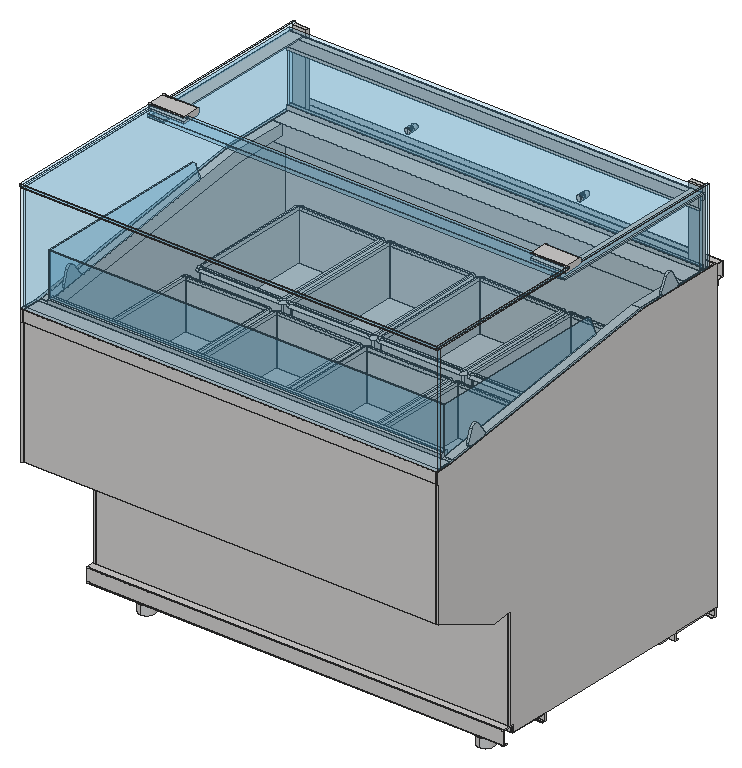
Revit family "Food-Service-Equipment_Oscartek_Rosa_Pg_cat", category Specialty Equipment, Revit 2026 (continued)
Automatic sketch dimensions
  Extrusion 20 sketch curve to Extrusion 5 = 0.09029"
  Extrusion 20 sketch curve to Extrusion 5 = 2.73531"
  Extrusion 5 to Extrusion 20 sketch curve = 0.04154"
  Extrusion 20 sketch curve to Extrusion 20 sketch curve = 0.07079"
  Extrusion 20 sketch curve to Extrusion 5 = 1.22212"
  Extrusion 20 sketch curve to Extrusion 5 = 4.00248"
  Extrusion 20 sketch curve to Extrusion 5 = 0.40974"
  Extrusion 21 sketch curve to Extrusion 6 = 0"  (x3)
  Extrusion 21 sketch curve to Extrusion 6 = 1.22212"
  Extrusion 21 sketch curve to Extrusion 21 sketch curve = 0.07079"
  Extrusion 21 sketch curve to Extrusion 6 = 4.00248"
  Extrusion 21 sketch curve to Extrusion 6 = 0.09029"
  Extrusion 21 sketch curve to Extrusion 6 = 2.73531"
  Extrusion 6 to Extrusion 21 sketch curve = 0.04154"
  Extrusion 21 sketch curve to Extrusion 6 = 0.40974"
  Split face 1 sketch curve to Extrusion 4 = 0.74284"
  Split face 1 sketch curve to Extrusion 4 = 4.54551"
  Extrusion 22 sketch curve to Extrusion 4 = 2.65928"  (x2)
  Extrusion 22 sketch curve to Extrusion 22 sketch curve = 0.5417"  (x2)
  Extrusion 22 sketch curve to Extrusion 22 sketch curve = 0.10343"  (x2)
  Extrusion 22 sketch curve to Extrusion 4 = 1.32249"
  Extrusion 22 sketch curve to Extrusion 22 sketch curve = 0.13772"
  Extrusion 4 to Extrusion 22 sketch curve = 13.45718"
  Extrusion 22 sketch curve to Extrusion 22 sketch curve = 0.13814"  (x2)
  Extrusion 22 sketch curve to Extrusion 22 sketch curve = 2.73165"
  Extrusion 22 sketch curve to Extrusion 22 sketch curve = 0.0195"  (x2)
  Extrusion 4 to Extrusion 22 sketch curve = 5.17173"
  Extrusion 4 to Extrusion 22 sketch curve = 2.42058"
  Split face 2 sketch curve to Extrusion 4 = 2.53241"
  Split face 2 sketch curve to Split face 2 sketch curve = 0.90918"
  Split face 2 sketch curve to Extrusion 4 = 10.15985"
  Split face 2 sketch curve to Split face 2 sketch curve = 4.58009"
  Extrusion 23 sketch curve to Extrusion 14 = 1.0401"
  Extrusion 23 sketch curve to Extrusion 23 sketch curve = 0.3147"
  Extrusion 23 sketch curve to Extrusion 14 = 0.17515"
  Extrusion 23 sketch curve to Extrusion 14 = 0.90007"
  Extrusion 24 sketch curve to Extrusion 14 = 1.25646"
  Extrusion 24 sketch curve to Extrusion 24 sketch curve = 0.10031"
  Extrusion 24 sketch curve to Extrusion 14 = 0.10055"
  Extrusion 24 sketch curve to Extrusion 14 = 1.10894"
  Extrusion 24 sketch curve to Extrusion 24 sketch curve = 0.19669"
  Extrusion 24 sketch curve to Extrusion 24 sketch curve = 0.05901"  (x2)
  Extrusion 24 sketch curve to Extrusion 24 sketch curve = 0.33437"  (x2)
  Extrusion 24 sketch curve to Extrusion 14 = 0.16532"
  Extrusion 24 sketch curve to Extrusion 24 sketch curve = 0.12886"
  Extrusion 24 sketch curve to Extrusion 24 sketch curve = 0.39338"
  Extrusion 24 sketch curve to Extrusion 24 sketch curve = 0"
  Extrusion 24 sketch curve to Extrusion 14 = 2.23783"
  Extrusion 24 sketch curve to Extrusion 24 sketch curve = 0.35344"
  Extrusion 24 sketch curve to Extrusion 24 sketch curve = 0.4701"
  Extrusion 24 sketch curve to Extrusion 24 sketch curve = 0.51709"
  Extrusion 24 sketch curve to Extrusion 24 sketch curve = 0.08852"
  Extrusion 25 sketch curve to Extrusion 21 = 0.06861"
  Extrusion 25 sketch curve to Extrusion 21 = 0.01384"
  Extrusion 25 sketch curve to Extrusion 21 = 0.15446"
  Extrusion 21 to Extrusion 25 sketch curve = 0.04041"
  Extrusion 25 sketch curve to Extrusion 25 sketch curve = 0.23753"
  Extrusion 25 sketch curve to Extrusion 25 sketch curve = 0.2923"
  Extrusion 25 sketch curve to Extrusion 21 = 0.41215"
  Extrusion 25 sketch curve to Extrusion 21 = 0.52169"
  Extrusion 25 sketch curve to Extrusion 25 sketch curve = 0.11287"
  Extrusion 25 sketch curve to Extrusion 25 sketch curve = 0.02739"  (x2)
  Extrusion 25 sketch curve to Extrusion 25 sketch curve = 0.04108"
  Extrusion 25 to Extrusion 26 sketch curve = 0.01872"  (x2)
  Extrusion 25 to Extrusion 26 sketch curve = 0.01461"
  Extrusion 26 sketch curve to Extrusion 26 sketch curve = 4.93664"
  Extrusion 25 to Extrusion 27 sketch curve = 0.01872"
  Extrusion 27 sketch curve to Extrusion 25 = 19.07689"
  Extrusion 27 sketch curve to Extrusion 27 sketch curve = 0.73966"
  Extrusion 27 sketch curve to Extrusion 27 sketch curve = 0.59739"
  Extrusion 27 sketch curve to Extrusion 25 = 0"
  Extrusion 27 sketch curve to Extrusion 27 sketch curve = 2.89375"
  Extrusion 27 sketch curve to Extrusion 27 sketch curve = 1.3721"
  Extrusion 27 sketch curve to Extrusion 27 sketch curve = 0.26921"
  Extrusion 28 sketch curve to Extrusion 26 = 0"  (x2)
  Extrusion 26 to Extrusion 28 sketch curve = 19.09562"
  Extrusion 28 sketch curve to Extrusion 26 = 0.51792"
  Extrusion 28 sketch curve to Extrusion 28 sketch curve = 0.73966"
  Extrusion 28 sketch curve to Extrusion 26 = 2.15924"
  Extrusion 28 sketch curve to Extrusion 28 sketch curve = 0.59739"
  Extrusion 26 to Extrusion 28 sketch curve = 0.11635"
  Extrusion 29 sketch curve to Extrusion 15 = 0.64704"
  Extrusion 29 sketch curve to Extrusion 15 = 4.22105"
  Extrusion 29 sketch curve to Extrusion 29 sketch curve = 0.18606"
  Extrusion 29 sketch curve to Extrusion 15 = 0.3881"
  Extrusion 29 sketch curve to Extrusion 29 sketch curve = 0.02739"  (x2)
  Extrusion 15 to Extrusion 29 sketch curve = 1.67672"
  Extrusion 29 sketch curve to Extrusion 29 sketch curve = 0.4484"
  Extrusion 29 sketch curve to Extrusion 29 sketch curve = 0.44655"
  Extrusion 15 to Extrusion 29 sketch curve = 1.55959"
  Extrusion 29 sketch curve to Extrusion 29 sketch curve = 0.38687"
  Extrusion 29 sketch curve to Extrusion 29 sketch curve = 0.62879"
  Extrusion 29 sketch curve to Extrusion 15 = 0.63047"
  Extrusion 29 sketch curve to Extrusion 15 = 0.93821"
  Extrusion 29 sketch curve to Extrusion 29 sketch curve = 0.1612"
  Extrusion 29 sketch curve to Extrusion 15 = 0.2837"
  Extrusion 29 sketch curve to Extrusion 15 = 6.19156"
  Extrusion 29 sketch curve to Extrusion 29 sketch curve = 0.17385"
  Extrusion 29 sketch curve to Extrusion 15 = 1.5133"  (x2)
  Extrusion 29 sketch curve to Extrusion 29 sketch curve = 0.62651"
  Extrusion 29 sketch curve to Extrusion 29 sketch curve = 0.4208"
  Extrusion 29 sketch curve to Extrusion 15 = 0.19678"
  Extrusion 29 sketch curve to Extrusion 29 sketch curve = 0.44995"
  Extrusion 29 sketch curve to Extrusion 15 = 0.28612"
  Extrusion 29 sketch curve to Extrusion 29 sketch curve = 0.17533"
  Extrusion 29 sketch curve to Extrusion 29 sketch curve = 0.21441"
  Extrusion 30 sketch curve to Extrusion 28 = 4.28745"
  Extrusion 30 sketch curve to Extrusion 30 sketch curve = 0.13381"
  Extrusion 30 sketch curve to Extrusion 30 sketch curve = 0.1612"
  Extrusion 30 sketch curve to Extrusion 30 sketch curve = 0.78999"
  Extrusion 30 sketch curve to Extrusion 30 sketch curve = 0.38687"
  Extrusion 30 sketch curve to Extrusion 30 sketch curve = 0.44655"
  Extrusion 30 sketch curve to Extrusion 30 sketch curve = 0.6815"
  Extrusion 30 sketch curve to Extrusion 30 sketch curve = 0.02739"
  Extrusion 30 sketch curve to Extrusion 30 sketch curve = 0.18606"
  Extrusion 30 sketch curve to Extrusion 28 = 4.70332"
  Extrusion 30 sketch curve to Extrusion 30 sketch curve = 0.19487"  (x2)
  Extrusion 30 sketch curve to Extrusion 30 sketch curve = 0.24237"
  Extrusion 30 sketch curve to Extrusion 30 sketch curve = 0.9702"
  Extrusion 30 sketch curve to Extrusion 30 sketch curve = 0.15376"
  Extrusion 24 to Extrusion 31 sketch curve = 18.31205"  (x2)
  Extrusion 24 to Extrusion 31 sketch curve = 1 81/256"
  Extrusion 31 sketch curve to Extrusion 24 = 0.05799"  (x2)
  Extrusion 32 sketch curve to Extrusion 18 = 0"  (x3)
  Extrusion 32 sketch curve to Extrusion 18 = 0.00991"
  Extrusion 18 to Extrusion 32 sketch curve = 0.41719"
  Extrusion 33 sketch curve to Extrusion 24 = 0.01967"
  Extrusion 24 to Extrusion 33 sketch curve = 7.0898"
  Extrusion 33 sketch curve to Extrusion 24 = 0.00624"
  Extrusion 34 sketch curve to plane 9 = 1 1/4"
  Extrusion 34 sketch curve to plane 5 "FRONT" = 8 3/4"  (x2)
  Extrusion 35 sketch curve to Extrusion 35 sketch curve = 3 11/16"
  Extrusion 36 sketch curve to Extrusion 36 sketch curve = 0"
  Extrusion 36 sketch curve to Extrusion 36 sketch curve = 0.07872"
  Extrusion 36 sketch curve to Extrusion 36 sketch curve = 0.51163"
  Extrusion 36 sketch curve to Extrusion 36 sketch curve = 0.19679"  (x3)
  Extrusion 37 sketch curve to Extrusion 35 = 0"  (x3)
  Extrusion 37 sketch curve to Extrusion 35 = 7.38904"
  plane 1 "BACK" to curve 4 = 0"
  curve 4 to plane 3 "LEFT" = 0"
  curve 17 to plane 4 "RIGHT" = 0"
  plane 5 "FRONT" to curve 6 = 0"
  plane 9 to curve 14 = 7/16"
  plane 10 to curve 17 = 7/16"
  curve 15 to plane 8 "Center X" = 1.92847"
  curve 14 to plane 8 "Center X" = 1.92847"
  plane 8 "Center X" to curve 13 = 0.05904"
  plane 8 "Center X" to curve 15 = 0.05904"
  curve 11 to plane 11 = 1 81/256"
  curve 18 to plane 12 = 1 81/256"
  curve 10 to plane 5 "FRONT" = 2.12506"
  curve 19 to plane 8 "Center X" = 0.93472"
  curve 9 to curve 4 = 2.42911"
  curve 9 to curve 18 = 0.00841"
  curve 8 to curve 4 = 0.78713"
  Extrusion 35 sketch curve to Extrusion 35 sketch curve = 18.85152"
  Extrusion 36 sketch curve to Extrusion 36 sketch curve = 1.20037"
  Extrusion 36 sketch curve to Extrusion 36 sketch curve = 0.11808"
  Extrusion 36 sketch curve to Extrusion 36 sketch curve = 0.33453"
  Extrusion 36 sketch curve to Extrusion 36 sketch curve = 0.05903"
  Extrusion 38 sketch curve to Extrusion 38 sketch curve = 3 11/16"
  Extrusion 39 sketch curve to Extrusion 39 sketch curve = 0"
  Extrusion 39 sketch curve to Extrusion 39 sketch curve = 0.07872"
  Extrusion 39 sketch curve to Extrusion 39 sketch curve = 0.51163"
  Extrusion 39 sketch curve to Extrusion 39 sketch curve = 0.19679"  (x3)
  Extrusion 40 sketch curve to Extrusion 38 = 0"  (x3)
  Extrusion 40 sketch curve to Extrusion 38 = 7.38904"
  Extrusion 38 sketch curve to Extrusion 38 sketch curve = 18.85152"
  Extrusion 39 sketch curve to Extrusion 39 sketch curve = 1.20037"
  Extrusion 39 sketch curve to Extrusion 39 sketch curve = 0.11808"
  Extrusion 39 sketch curve to Extrusion 39 sketch curve = 0.33453"
  Extrusion 39 sketch curve to Extrusion 39 sketch curve = 0.05903"
  Revolve 41 sketch curve to Revolve 41 sketch curve = 0"  (x2)
  Revolve 41 sketch curve to Revolve 41 sketch curve = 0.07542"
  Revolve 41 sketch curve to Revolve 41 sketch curve = 0.15835"
  Revolve 41 sketch curve to Revolve 41 sketch curve = 0.11702"
  Revolve 41 sketch curve to Revolve 41 sketch curve = 0.29503"
  Revolve 41 sketch curve to Revolve 41 sketch curve = 0.07252"
  Revolve 41 sketch curve to Revolve 41 sketch curve = 0.3147"
  Revolve 41 sketch curve to Revolve 41 sketch curve = 0.05901"
  Revolve 41 sketch curve to Revolve 41 sketch curve = 1/4"
  Revolve 41 sketch curve to Revolve 41 sketch curve = 0.07471"
  Revolve 42 sketch curve to Revolve 42 sketch curve = 0"  (x2)
  Revolve 42 sketch curve to Revolve 42 sketch curve = 0.07542"
  Revolve 42 sketch curve to Revolve 42 sketch curve = 0.15835"
  Revolve 42 sketch curve to Revolve 42 sketch curve = 0.11702"
  Revolve 42 sketch curve to Revolve 42 sketch curve = 0.29503"
  Revolve 42 sketch curve to Revolve 42 sketch curve = 0.3147"
  Revolve 42 sketch curve to Revolve 42 sketch curve = 0.05901"
  Revolve 42 sketch curve to Revolve 42 sketch curve = 0.07252"
  Revolve 42 sketch curve to Revolve 42 sketch curve = 1/4"
  Revolve 42 sketch curve to Revolve 42 sketch curve = 0.07471"
  Revolve 43 sketch curve to Revolve 43 sketch curve = 0.01967"
  Revolve 43 sketch curve to Revolve 43 sketch curve = 0.11702"
  Revolve 43 sketch curve to Revolve 43 sketch curve = 0.08293"
  Revolve 43 sketch curve to Revolve 43 sketch curve = 0.15835"
  Revolve 43 sketch curve to Revolve 43 sketch curve = 0.29503"
  Revolve 43 sketch curve to Revolve 43 sketch curve = 0.07252"
  Revolve 43 sketch curve to Revolve 43 sketch curve = 0.05901"
  Revolve 43 sketch curve to Revolve 43 sketch curve = 0"
  Revolve 43 sketch curve to Revolve 43 sketch curve = 1/4"
  Revolve 43 sketch curve to Revolve 43 sketch curve = 0.07471"
  Revolve 44 sketch curve to Revolve 44 sketch curve = 0.01967"
  Revolve 44 sketch curve to Revolve 44 sketch curve = 0.11702"
  Revolve 44 sketch curve to Revolve 44 sketch curve = 0.08293"
  Revolve 44 sketch curve to Revolve 44 sketch curve = 0.15835"
  Revolve 44 sketch curve to Revolve 44 sketch curve = 0.29503"
  Revolve 44 sketch curve to Revolve 44 sketch curve = 0.07252"
  Revolve 44 sketch curve to Revolve 44 sketch curve = 0.05901"
  Revolve 44 sketch curve to Revolve 44 sketch curve = 0"
  Revolve 44 sketch curve to Revolve 44 sketch curve = 1/4"
  Revolve 44 sketch curve to Revolve 44 sketch curve = 0.07471"
  Revolve 45 sketch curve to Revolve 45 sketch curve = 0.01967"
  Revolve 45 sketch curve to Revolve 45 sketch curve = 0.11702"
  Revolve 45 sketch curve to Revolve 45 sketch curve = 0.08293"
  Revolve 45 sketch curve to Revolve 45 sketch curve = 0.15835"
  Revolve 45 sketch curve to Revolve 45 sketch curve = 0.29503"
  Revolve 45 sketch curve to Revolve 45 sketch curve = 0.05901"
  Revolve 45 sketch curve to Revolve 45 sketch curve = 0.24656"
  Revolve 45 sketch curve to Revolve 45 sketch curve = 0.07252"
  Revolve 45 sketch curve to Revolve 45 sketch curve = 0"
  Revolve 45 sketch curve to Revolve 45 sketch curve = 1/4"
  Revolve 45 sketch curve to Revolve 45 sketch curve = 0.07471"
  Revolve 46 sketch curve to Revolve 46 sketch curve = 0.01967"
  Revolve 46 sketch curve to Revolve 46 sketch curve = 0.11702"
  Revolve 46 sketch curve to Revolve 46 sketch curve = 0.08293"
  Revolve 46 sketch curve to Revolve 46 sketch curve = 0.15835"
  Revolve 46 sketch curve to Revolve 46 sketch curve = 0.29503"
  Revolve 46 sketch curve to Revolve 46 sketch curve = 0.05901"
  Revolve 46 sketch curve to Revolve 46 sketch curve = 0.24656"
  Revolve 46 sketch curve to Revolve 46 sketch curve = 0.07252"
  Revolve 46 sketch curve to Revolve 46 sketch curve = 0"
  Revolve 46 sketch curve to Revolve 46 sketch curve = 1/4"
  Revolve 46 sketch curve to Revolve 46 sketch curve = 0.07471"
  Revolve 47 sketch curve to Revolve 47 sketch curve = 0.01967"
  Revolve 47 sketch curve to Revolve 47 sketch curve = 0.11702"
  Revolve 47 sketch curve to Revolve 47 sketch curve = 0.08293"
  Revolve 47 sketch curve to Revolve 47 sketch curve = 0.15835"
  Revolve 47 sketch curve to Revolve 47 sketch curve = 0.29503"
  Revolve 47 sketch curve to Revolve 47 sketch curve = 0.07252"
  Revolve 47 sketch curve to Revolve 47 sketch curve = 0.05901"
  Revolve 47 sketch curve to Revolve 47 sketch curve = 0"
  Revolve 47 sketch curve to Revolve 47 sketch curve = 1/4"
  Revolve 47 sketch curve to Revolve 47 sketch curve = 0.07471"
  Revolve 48 sketch curve to Revolve 48 sketch curve = 0.01967"
  Revolve 48 sketch curve to Revolve 48 sketch curve = 0.11702"
  Revolve 48 sketch curve to Revolve 48 sketch curve = 0.08293"
  Revolve 48 sketch curve to Revolve 48 sketch curve = 0.15835"
  Revolve 48 sketch curve to Revolve 48 sketch curve = 0.29503"
  Revolve 48 sketch curve to Revolve 48 sketch curve = 0.07252"
  Revolve 48 sketch curve to Revolve 48 sketch curve = 0.05901"
  Revolve 48 sketch curve to Revolve 48 sketch curve = 0"
  Revolve 48 sketch curve to Revolve 48 sketch curve = 1/4"
  Revolve 48 sketch curve to Revolve 48 sketch curve = 0.07471"
  Revolve 49 sketch curve to Revolve 49 sketch curve = 0.01967"
  Revolve 49 sketch curve to Revolve 49 sketch curve = 0.11702"
  Revolve 49 sketch curve to Revolve 49 sketch curve = 0.08293"
  Revolve 49 sketch curve to Revolve 49 sketch curve = 0.15835"
  Revolve 49 sketch curve to Revolve 49 sketch curve = 0.29503"
  Revolve 49 sketch curve to Revolve 49 sketch curve = 0.05901"
  Revolve 49 sketch curve to Revolve 49 sketch curve = 0.24656"
  Revolve 49 sketch curve to Revolve 49 sketch curve = 0.07252"
  Revolve 49 sketch curve to Revolve 49 sketch curve = 0"
  Revolve 49 sketch curve to Revolve 49 sketch curve = 1/4"
  Revolve 49 sketch curve to Revolve 49 sketch curve = 0.07471"
  Revolve 43 sketch curve to Revolve 43 sketch curve = 0.27536"
  Revolve 43 sketch curve to Revolve 43 sketch curve = 0.17403"
  Revolve 43 sketch curve to Revolve 43 sketch curve = 0.3147"
  Revolve 44 sketch curve to Revolve 44 sketch curve = 0.27536"
  Revolve 44 sketch curve to Revolve 44 sketch curve = 0.17403"
  Revolve 44 sketch curve to Revolve 44 sketch curve = 0.3147"
  Revolve 45 sketch curve to Revolve 45 sketch curve = 0.3147"
  Revolve 45 sketch curve to Revolve 45 sketch curve = 0.26484"
  Revolve 46 sketch curve to Revolve 46 sketch curve = 0.3147"
  Revolve 46 sketch curve to Revolve 46 sketch curve = 0.26484"
  Revolve 47 sketch curve to Revolve 47 sketch curve = 0.27536"
  Revolve 47 sketch curve to Revolve 47 sketch curve = 0.17403"
  Revolve 47 sketch curve to Revolve 47 sketch curve = 0.3147"
  Revolve 48 sketch curve to Revolve 48 sketch curve = 0.27536"
  Revolve 48 sketch curve to Revolve 48 sketch curve = 0.17403"
  Revolve 48 sketch curve to Revolve 48 sketch curve = 0.3147"
  Revolve 49 sketch curve to Revolve 49 sketch curve = 0.3147"
  Revolve 49 sketch curve to Revolve 49 sketch curve = 0.26484"
  Revolve 41 sketch curve to Revolve 41 sketch curve = 0.27536"
  Revolve 41 sketch curve to Revolve 41 sketch curve = 0.17403"
  Revolve 42 sketch curve to Revolve 42 sketch curve = 0.17403"
  Revolve 42 sketch curve to Revolve 42 sketch curve = 0.26484"
  Revolve 50 sketch curve to Revolve 50 sketch curve = 0.01967"
  Revolve 50 sketch curve to Revolve 50 sketch curve = 0.11702"
  Revolve 50 sketch curve to Revolve 50 sketch curve = 0.08293"
  Revolve 50 sketch curve to Revolve 50 sketch curve = 0.15835"
  Revolve 50 sketch curve to Revolve 50 sketch curve = 0.29503"
  Revolve 50 sketch curve to Revolve 50 sketch curve = 0.07252"
  Revolve 50 sketch curve to Revolve 50 sketch curve = 0.05901"
  Revolve 50 sketch curve to Revolve 50 sketch curve = 0"
  Revolve 50 sketch curve to Revolve 50 sketch curve = 1/4"
  Revolve 50 sketch curve to Revolve 50 sketch curve = 0.07471"
  Revolve 51 sketch curve to Revolve 51 sketch curve = 0.01967"
  Revolve 51 sketch curve to Revolve 51 sketch curve = 0.11702"
  Revolve 51 sketch curve to Revolve 51 sketch curve = 0.08293"
  Revolve 51 sketch curve to Revolve 51 sketch curve = 0.15835"
  Revolve 51 sketch curve to Revolve 51 sketch curve = 0.29503"
  Revolve 51 sketch curve to Revolve 51 sketch curve = 0.07252"
  Revolve 51 sketch curve to Revolve 51 sketch curve = 0.05901"
  Revolve 51 sketch curve to Revolve 51 sketch curve = 0"
  Revolve 51 sketch curve to Revolve 51 sketch curve = 1/4"
  Revolve 51 sketch curve to Revolve 51 sketch curve = 0.07471"
  Revolve 52 sketch curve to Revolve 52 sketch curve = 0.01967"
  Revolve 52 sketch curve to Revolve 52 sketch curve = 0.11702"
  Revolve 52 sketch curve to Revolve 52 sketch curve = 0.08293"
  Revolve 52 sketch curve to Revolve 52 sketch curve = 0.15835"
  Revolve 52 sketch curve to Revolve 52 sketch curve = 0.29503"
  Revolve 52 sketch curve to Revolve 52 sketch curve = 0.05901"
  Revolve 52 sketch curve to Revolve 52 sketch curve = 0.24656"
  Revolve 52 sketch curve to Revolve 52 sketch curve = 0.07252"
  Revolve 52 sketch curve to Revolve 52 sketch curve = 0"
  Revolve 52 sketch curve to Revolve 52 sketch curve = 1/4"
  Revolve 52 sketch curve to Revolve 52 sketch curve = 0.07471"
  Revolve 53 sketch curve to Revolve 53 sketch curve = 0.01967"
  Revolve 53 sketch curve to Revolve 53 sketch curve = 0.11702"
  Revolve 53 sketch curve to Revolve 53 sketch curve = 0.08293"
  Revolve 53 sketch curve to Revolve 53 sketch curve = 0.15835"
  Revolve 53 sketch curve to Revolve 53 sketch curve = 0.29503"
  Revolve 53 sketch curve to Revolve 53 sketch curve = 0.05901"
  Revolve 53 sketch curve to Revolve 53 sketch curve = 0.24656"
  Revolve 53 sketch curve to Revolve 53 sketch curve = 0.07252"
  Revolve 53 sketch curve to Revolve 53 sketch curve = 0"
  Revolve 53 sketch curve to Revolve 53 sketch curve = 1/4"
  Revolve 53 sketch curve to Revolve 53 sketch curve = 0.07471"
  Revolve 50 sketch curve to Revolve 50 sketch curve = 0.27536"
  Revolve 50 sketch curve to Revolve 50 sketch curve = 0.17403"
  Revolve 50 sketch curve to Revolve 50 sketch curve = 0.3147"
  Revolve 51 sketch curve to Revolve 51 sketch curve = 0.27536"
  Revolve 51 sketch curve to Revolve 51 sketch curve = 0.17403"
  Revolve 51 sketch curve to Revolve 51 sketch curve = 0.3147"
  Revolve 52 sketch curve to Revolve 52 sketch curve = 0.3147"
  Revolve 52 sketch curve to Revolve 52 sketch curve = 0.26484"
  Revolve 53 sketch curve to Revolve 53 sketch curve = 0.3147"
  Revolve 53 sketch curve to Revolve 53 sketch curve = 0.26484"
  Revolve 54 sketch curve to Revolve 54 sketch curve = 0.01967"
  Revolve 54 sketch curve to Revolve 54 sketch curve = 0.11702"
  Revolve 54 sketch curve to Revolve 54 sketch curve = 0.08293"
  Revolve 54 sketch curve to Revolve 54 sketch curve = 0.15835"
  Revolve 54 sketch curve to Revolve 54 sketch curve = 0.29503"
  Revolve 54 sketch curve to Revolve 54 sketch curve = 0.07252"
  Revolve 54 sketch curve to Revolve 54 sketch curve = 0.05901"
  Revolve 54 sketch curve to Revolve 54 sketch curve = 0"
  Revolve 54 sketch curve to Revolve 54 sketch curve = 1/4"
  Revolve 54 sketch curve to Revolve 54 sketch curve = 0.07471"
  Revolve 55 sketch curve to Revolve 55 sketch curve = 0.01967"
  Revolve 55 sketch curve to Revolve 55 sketch curve = 0.11702"
  Revolve 55 sketch curve to Revolve 55 sketch curve = 0.08293"
  Revolve 55 sketch curve to Revolve 55 sketch curve = 0.15835"
  Revolve 55 sketch curve to Revolve 55 sketch curve = 0.29503"
  Revolve 55 sketch curve to Revolve 55 sketch curve = 0.07252"
  Revolve 55 sketch curve to Revolve 55 sketch curve = 0.05901"
  Revolve 55 sketch curve to Revolve 55 sketch curve = 0"
  Revolve 55 sketch curve to Revolve 55 sketch curve = 1/4"
  Revolve 55 sketch curve to Revolve 55 sketch curve = 0.07471"
  Revolve 56 sketch curve to Revolve 56 sketch curve = 0.01967"
  Revolve 56 sketch curve to Revolve 56 sketch curve = 0.11702"
  Revolve 56 sketch curve to Revolve 56 sketch curve = 0.08293"
  Revolve 56 sketch curve to Revolve 56 sketch curve = 0.15835"
  Revolve 56 sketch curve to Revolve 56 sketch curve = 0.29503"
  Revolve 56 sketch curve to Revolve 56 sketch curve = 0.05901"
  Revolve 56 sketch curve to Revolve 56 sketch curve = 0.24656"
  Revolve 56 sketch curve to Revolve 56 sketch curve = 0.07252"
  Revolve 56 sketch curve to Revolve 56 sketch curve = 0"
  Revolve 56 sketch curve to Revolve 56 sketch curve = 1/4"
  Revolve 56 sketch curve to Revolve 56 sketch curve = 0.07471"
  Revolve 54 sketch curve to Revolve 54 sketch curve = 0.27536"
  Revolve 54 sketch curve to Revolve 54 sketch curve = 0.17403"
  Revolve 54 sketch curve to Revolve 54 sketch curve = 0.3147"
  Revolve 55 sketch curve to Revolve 55 sketch curve = 0.27536"
  Revolve 55 sketch curve to Revolve 55 sketch curve = 0.17403"
  Revolve 55 sketch curve to Revolve 55 sketch curve = 0.3147"
  Revolve 56 sketch curve to Revolve 56 sketch curve = 0.3147"
  Revolve 56 sketch curve to Revolve 56 sketch curve = 0.26484"
  Revolve 57 sketch curve to Revolve 57 sketch curve = 0"  (x2)
  Revolve 57 sketch curve to Revolve 57 sketch curve = 0.07542"
  Revolve 57 sketch curve to Revolve 57 sketch curve = 0.15835"
  Revolve 57 sketch curve to Revolve 57 sketch curve = 0.11702"
  Revolve 57 sketch curve to Revolve 57 sketch curve = 0.29503"
  Revolve 57 sketch curve to Revolve 57 sketch curve = 0.07252"
  Revolve 57 sketch curve to Revolve 57 sketch curve = 0.3147"
  Revolve 57 sketch curve to Revolve 57 sketch curve = 0.05901"
  Revolve 57 sketch curve to Revolve 57 sketch curve = 1/4"
  Revolve 57 sketch curve to Revolve 57 sketch curve = 0.07471"
  Revolve 58 sketch curve to Revolve 58 sketch curve = 0"  (x2)
  Revolve 58 sketch curve to Revolve 58 sketch curve = 0.07542"
  Revolve 58 sketch curve to Revolve 58 sketch curve = 0.15835"
  Revolve 58 sketch curve to Revolve 58 sketch curve = 0.11702"
  Revolve 58 sketch curve to Revolve 58 sketch curve = 0.29503"
  Revolve 58 sketch curve to Revolve 58 sketch curve = 0.3147"
  Revolve 58 sketch curve to Revolve 58 sketch curve = 0.05901"
  Revolve 58 sketch curve to Revolve 58 sketch curve = 0.07252"
  Revolve 58 sketch curve to Revolve 58 sketch curve = 1/4"
  Revolve 58 sketch curve to Revolve 58 sketch curve = 0.07471"
  Revolve 57 sketch curve to Revolve 57 sketch curve = 0.27536"
  Revolve 57 sketch curve to Revolve 57 sketch curve = 0.17403"
  Revolve 58 sketch curve to Revolve 58 sketch curve = 0.17403"
  Revolve 58 sketch curve to Revolve 58 sketch curve = 0.26484"
  radius of Extrusion 34 sketch curve = 1/2"  (x2)
Nested families (in)
  nested 1: "PANS" at (3.03125, -4.84864, 23.59423), Length <- "Pan Upper Length", Depth <- "Pan Upper Depth", type "PANS"
    with Type Mark "", Status "", Specification by User "", Revision Code "", Length 9 3/4", Item Number "", Installed By "", Identify Quantity as Lot yes, Furnished By "", Foodservice Equipment Identifier yes, Depth 14 1/8"
  nested 2: "PANS" at (-40.93128, -11.3277, 23.59423), Length <- "Pan Upper Length", Depth <- "Pan Upper Depth", type "PANS", not visible
    with Type Mark "", Status "", Specification by User "", Revision Code "", Length 9 3/4", Item Number "", Installed By "", Identify Quantity as Lot yes, Furnished By "", Foodservice Equipment Identifier yes, Depth 14 1/8"
  nested 3: "PANS" at (3.03125, -20.22364, 23.59423), Length <- "Pan Below Length", Depth <- "Pan Below Depth", type "PANS"
    with Type Mark "", Status "", Specification by User "", Revision Code "", Length 9 3/4", Item Number "", Installed By "", Identify Quantity as Lot yes, Furnished By "", Foodservice Equipment Identifier yes, Depth 14 1/8"
  nested 4: "PANS" at (12.84375, -4.84864, 23.59423), Length <- "Pan Upper Length", Depth <- "Pan Upper Depth", type "PANS"
    with Type Mark "", Status "", Specification by User "", Revision Code "", Length 9 3/4", Item Number "", Installed By "", Identify Quantity as Lot yes, Furnished By "", Foodservice Equipment Identifier yes, Depth 14 1/8"
  nested 5: "PANS" at (12.84375, -20.19864, 23.59423), Length <- "Pan Below Length", Depth <- "Pan Below Depth", type "PANS"
    with Type Mark "", Status "", Specification by User "", Revision Code "", Length 9 3/4", Item Number "", Installed By "", Identify Quantity as Lot yes, Furnished By "", Foodservice Equipment Identifier yes, Depth 14 1/8"
  nested 6: "PANS" at (22.65625, -4.84864, 23.59423), Length <- "Pan Upper Length", Depth <- "Pan Upper Depth", type "PANS"
    with Type Mark "", Status "", Specification by User "", Revision Code "", Length 9 3/4", Item Number "", Installed By "", Identify Quantity as Lot yes, Furnished By "", Foodservice Equipment Identifier yes, Depth 14 1/8"
  nested 7: "PANS" at (32.46875, -4.84864, 23.59423), Length <- "Pan Upper Length", Depth <- "Pan Upper Depth", type "PANS"
    with Type Mark "", Status "", Specification by User "", Revision Code "", Length 9 3/4", Item Number "", Installed By "", Identify Quantity as Lot yes, Furnished By "", Foodservice Equipment Identifier yes, Depth 14 1/8"
  nested 8: "PANS" at (22.65625, -20.17364, 23.59423), Length <- "Pan Below Length", Depth <- "Pan Below Depth", type "PANS"
    with Type Mark "", Status "", Specification by User "", Revision Code "", Length 9 3/4", Item Number "", Installed By "", Identify Quantity as Lot yes, Furnished By "", Foodservice Equipment Identifier yes, Depth 14 1/8"
  nested 9: "PANS" at (32.46875, -20.14864, 23.59423), Length <- "Pan Below Length", Depth <- "Pan Below Depth", type "PANS"
    with Type Mark "", Status "", Specification by User "", Revision Code "", Length 9 3/4", Item Number "", Installed By "", Identify Quantity as Lot yes, Furnished By "", Foodservice Equipment Identifier yes, Depth 14 1/8"
Connectors (in)
  electrical at (39.75, -29.9375, 14.50751)
    settings: on Extrusion 34, index 1, voltage 0 V, apparent load 0 VA, apparent load phase1 0 VA, apparent load phase2 0 VA, apparent load phase3 0 VA, power factor 1, load classification "Other", number of poles 1, system type 14, power factor state 1, is connector primary yes, connector utility no, sub classification motor no, connector description ""
  piping at (5.5, -29.9375, 14.50751), diameter 24
    settings: on Extrusion 34, index 2, connector inside diameter 24", connector length 0", flow factor 0, pipe flow 0 GPM, pressure drop 0.00 psi, fitting loss kfactor 0, connector angle 0.00°, fixture units 0, engagement length 0", angle of deflection 0.00°, flow configuration 0, flow direction 0, fitting loss method 0, system type 19, joint type 0, gender type 0, connector reference index -1, connector utility 0, adjustable connector no, is connector primary yes, connector description ""
Definition of nested family "PANS"
  Parameters
    Weight in Pounds = 0
    URL Cutsheet = ""
    Type Mark [instance] = ""
    Status [instance] = ""
    Specification by User [instance] = ""
    Specification by Manufacturer = ""
    Serial Number = ""
    Seismic Rating = ""
    SMACNA No = ""
    Revision Code [instance] = ""
    Omniclass Number and Title = ""
    NAFEM Spec ID Number = ""
    Model = "GEM STATIC 1500-78"
    Masterspec = ""
    Manufacturer = "OSCARTEK"
    Length [instance] = 6.08663"
    Item Number [instance] = ""
    Installed By [instance] = ""
    Identify Quantity as Lot [instance] = yes
    Height = 5.92345"
    Furnished By [instance] = ""
    Foodservice Equipment Identifier [instance] = yes
    Description = "GEM STATIC GELATO SHOWCASES"
    Depth [instance] = 10.1265"
    Default Elevation = 0"
    CSI MasterFormat = ""
    CSI Master Format = ""
  Reference planes (in)
    plane 1 "BACK": y = 0
    plane 2: z = 0
    plane 3 "LEFT": x = 0
    plane 4 "RIGHT": x = 6.08663
    plane 5 "FRONT": y = -10.1265
    plane 6 "TOP": z = 5.92345
    plane 7 "Center Y": x = 3.04332
    plane 8 "Center X": y = -5.06325
  Forms (in)
    Sweep 1, solid
      path origin (0, 0, 5.92345) x (-1, 0, 0) y (0, -1, 0)
        loop
          line (-5.58083, 0) -> (-0.5058, 0)
          arc (-0.5058, 0) -> (-0.14815, 0.14815) -> (0, 0.5058) r 0.5058
          line (0, 0.5058) -> (0, 9.62018)
          arc (0, 9.62018) -> (-0.14796, 9.97817) -> (-0.5058, 10.1265) r 0.5058
          line (-0.5058, 10.1265) -> (-5.58014, 10.1265)
          arc (-5.58014, 10.1265) -> (-5.93825, 9.9786) -> (-6.08663, 9.62069) r 0.50581
          line (-6.08663, 9.62069) -> (-6.08663, 0.50581)
          arc (-6.08663, 0.50581) -> (-5.93849, 0.14815) -> (-5.58083, 0) r 0.50581
      profile origin (3.04332, 0, 5.92345) x (0, -1, 0) y (0, 0, 1)
        loop
          line (0, -0.31592) -> (0.45255, -0.31592) -> (0.45255, 0) -> (0.26101, 0)
          arc (0.26101, 0) -> (0.19932, -0.01481) -> (0.15108, -0.05601) r 0.13589
          line (0.15108, -0.05601) -> (0, -0.31592)
    Extrusion 2, solid
      sketch origin (5.58083, -0.45255, 5.60753) x (0, 1, 0) y (1, 0, 0)
        loop
          arc (-0.05325, -5.12828) -> (-0.0156, -5.11268) -> (0, -5.07502) r 0.05325
          line (0, -5.07502) -> (0, 0)
          arc (0, 0) -> (-0.0156, 0.03766) -> (-0.05325, 0.05325) r 0.05325
          line (-0.05325, 0.05325) -> (-9.16814, 0.05325)
          arc (-9.16814, 0.05325) -> (-9.20588, 0.03758) -> (-9.2214, -0.00022) r 0.05326
          line (-9.2214, -0.00022) -> (-9.2214, -5.07502)
          arc (-9.2214, -5.07502) -> (-9.20574, -5.11274) -> (-9.16798, -5.12828) r 0.05325
          line (-9.16798, -5.12828) -> (-0.05325, -5.12828)
        loop
          arc (-0.05325, -5.25328) -> (0.07279, -5.20107) -> (0.125, -5.07502) r 0.17825
          line (0.125, -5.07502) -> (0.125, 0)
          arc (0.125, 0) -> (0.07279, 0.12605) -> (-0.05325, 0.17825) r 0.17825
          line (-0.05325, 0.17825) -> (-9.16814, 0.17825)
          arc (-9.16814, 0.17825) -> (-9.29433, 0.1259) -> (-9.3464, -0.00041) r 0.17826
          line (-9.3464, -0.00041) -> (-9.3464, -5.07502)
          arc (-9.3464, -5.07502) -> (-9.29408, -5.20118) -> (-9.16784, -5.25328) r 0.17825
          line (-9.16784, -5.25328) -> (-0.05325, -5.25328)
      from 0 to 5.60753
    Extrusion 3, solid
      sketch origin (5.58083, -0.45255, 0) x (-1, 0, 0) y (0, 1, 0)
        loop
          arc (5.12828, -0.05325) -> (5.11268, -0.0156) -> (5.07502, 0) r 0.05325
          line (5.07502, 0) -> (0, 0)
          arc (0, 0) -> (-0.03766, -0.0156) -> (-0.05325, -0.05325) r 0.05325
          line (-0.05325, -0.05325) -> (-0.05325, -9.16814)
          arc (-0.05325, -9.16814) -> (-0.03758, -9.20588) -> (0.00022, -9.2214) r 0.05326
          line (0.00022, -9.2214) -> (5.07502, -9.2214)
          arc (5.07502, -9.2214) -> (5.11274, -9.20574) -> (5.12828, -9.16798) r 0.05325
          line (5.12828, -9.16798) -> (5.12828, -0.05325)
      from 0 to -0.5
  Cuts and joins
    joined: Extrusion 2, Extrusion 3
  Lines and regions (in)
    symbolic lines
      curve 1: line (0, -0.5, 5.92345) -> (0, -9.6265, 5.92345)
      curve 2: line (5.58663, 0, 5.92345) -> (0.5, 0, 5.92345)
      curve 3: line (6.08663, -9.6265, 5.92345) -> (6.08663, -0.5, 5.92345)
      curve 4: line (5.58663, -10.1265, 5.92345) -> (0.5, -10.1265, 5.92345)
      curve 5: arc (0, -0.5, 5.92345) -> (0.14645, -0.14645, 5.92345) -> (0.5, 0, 5.92345) r 0.5
      curve 6: arc (5.58663, 0, 5.92345) -> (5.94019, -0.14645, 5.92345) -> (6.08663, -0.5, 5.92345) r 0.5
      curve 7: arc (5.58663, -10.1265, 5.92345) -> (5.94019, -9.98005, 5.92345) -> (6.08663, -9.6265, 5.92345) r 0.5
      curve 8: arc (0.5, -10.1265, 5.92345) -> (0.14645, -9.98005, 5.92345) -> (0, -9.6265, 5.92345) r 0.5
  Dimensions and locks (in)
    equal spacing: plane 3 "LEFT", plane 7 "Center Y", plane 4 "RIGHT"
    "Length": plane 3 "LEFT" to plane 4 "RIGHT"
    equal spacing: plane 5 "FRONT", plane 8 "Center X", plane 1 "BACK"
    "Height": plane 6 "TOP" to level
    "Depth": plane 5 "FRONT" to plane 1 "BACK"
    plane 5 "FRONT" to plane 1 "BACK" = 10.1265"
    plane 6 "TOP" to plane 2 = 5.92345"
    aligned and locked: level to plane 2
  Automatic sketch dimensions
    plane 1 "BACK" to Sweep 1 sketch curve = 0"
    plane 5 "FRONT" to Sweep 1 sketch curve = 0"
    Sweep 1 sketch curve to plane 3 "LEFT" = 0"
    plane 3 "LEFT" to Sweep 1 sketch curve = 0.5058"  (x2)
    plane 4 "RIGHT" to Sweep 1 sketch curve = 0.50649"
    Sweep 1 sketch curve to Sweep 1 sketch curve = 0.00069"
    plane 4 "RIGHT" to Sweep 1 sketch curve = 0.50581"
    Sweep 1 sketch curve to Sweep 1 sketch curve = 0"
    plane 4 "RIGHT" to Sweep 1 sketch curve = 0"
    plane 1 "BACK" to Sweep 1 sketch curve = 0.50581"
    Sweep 1 sketch curve to plane 5 "FRONT" = 0.50632"
    Sweep 1 sketch curve to plane 5 "FRONT" = 0.5058"
    Sweep 1 sketch curve to profile plane = 0"
    Sweep 1 sketch curve to plane 6 "TOP" = 0"
    Sweep 1 sketch curve to plane 6 "TOP" = 0.05601"
    Sweep 1 sketch curve to profile plane = 0.15108"
    Sweep 1 sketch curve to plane 6 "TOP" = 0.13589"
    Sweep 1 sketch curve to Sweep 1 sketch curve = 0.19154"
    Sweep 1 sketch curve to Sweep 1 sketch curve = 0.2599"
    Extrusion 2 sketch curve to Extrusion 2 sketch curve = 0"  (x2)
    Sweep 1 to Extrusion 2 sketch curve = 0.05325"
    Extrusion 3 sketch curve to Extrusion 2 = 0.05325"
    curve 3 to plane 4 "RIGHT" = 0"
    plane 1 "BACK" to curve 2 = 0"
    plane 5 "FRONT" to curve 4 = 0"
    curve 1 to plane 3 "LEFT" = 0"
    plane 4 "RIGHT" to curve 2 = 1/2"
    plane 4 "RIGHT" to curve 4 = 1/2"
    curve 5 to curve 1 = 1/2"
    curve 8 to curve 1 = 1/2"
    radius of Extrusion 2 sketch curve to Sweep 1 = 0"  (x3)
    radius of Sweep 1 to Extrusion 2 sketch curve = 1/8"  (x3)
    radius of Extrusion 3 sketch curve to Extrusion 2 = 0"  (x3)
